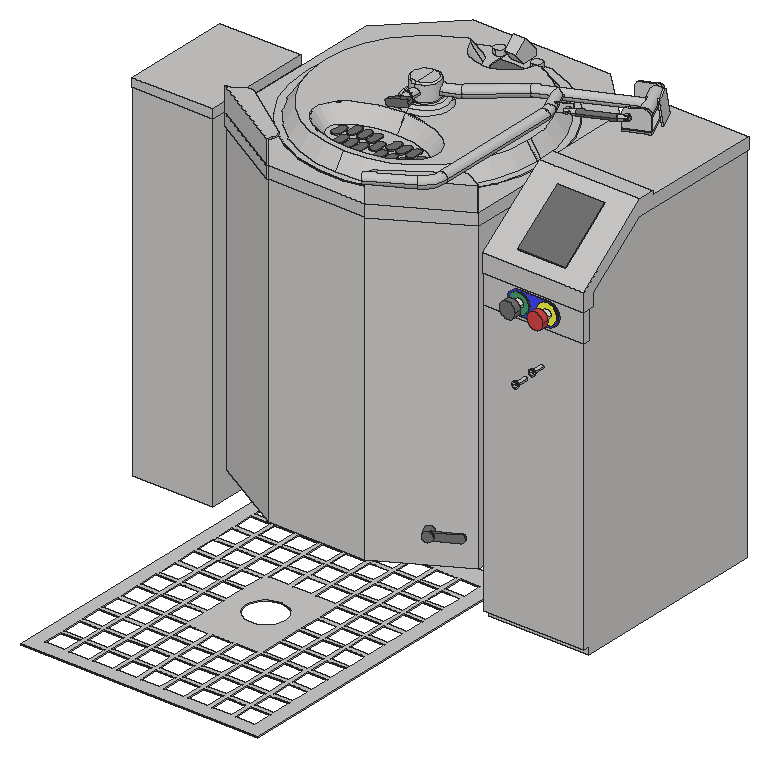
Revit family "QF_DIETATEC_CELER_100_180516035603", category Specialty Equipment, Revit 2015 (continued)
Definition of nested family "QF_Dietatec_CELER_100_FL"
  Lines and regions (mm)
    symbolic lines
      curve 163: line (383.5, -1234.5, 0) -> (433.5, -1234.5, 0)
      curve 164: line (383.5, -1184.5, 0) -> (383.5, -1234.5, 0)
      curve 165: line (433.5, -1184.5, 0) -> (383.5, -1184.5, 0)
      curve 166: line (433.5, -1234.5, 0) -> (433.5, -1184.5, 0)
      curve 167: line (443.5, -1234.5, 0) -> (493.5, -1234.5, 0)
      curve 168: line (443.5, -1184.5, 0) -> (443.5, -1234.5, 0)
      curve 169: line (493.5, -1184.5, 0) -> (443.5, -1184.5, 0)
      curve 170: line (493.5, -1234.5, 0) -> (493.5, -1184.5, 0)
      curve 171: line (503.5, -1234.5, 0) -> (553.5, -1234.5, 0)
      curve 172: line (503.5, -1184.5, 0) -> (503.5, -1234.5, 0)
      curve 173: line (553.5, -1184.5, 0) -> (503.5, -1184.5, 0)
      curve 174: line (553.5, -1234.5, 0) -> (553.5, -1184.5, 0)
      curve 175: line (563.5, -1234.5, 0) -> (613.5, -1234.5, 0)
      curve 176: line (563.5, -1184.5, 0) -> (563.5, -1234.5, 0)
      curve 177: line (613.5, -1184.5, 0) -> (563.5, -1184.5, 0)
      curve 178: line (613.5, -1234.5, 0) -> (613.5, -1184.5, 0)
      curve 179: line (83.5, -1174.5, 0) -> (133.5, -1174.5, 0)
      curve 180: line (83.5, -1124.5, 0) -> (83.5, -1174.5, 0)
      curve 181: line (133.5, -1124.5, 0) -> (83.5, -1124.5, 0)
      curve 182: line (133.5, -1174.5, 0) -> (133.5, -1124.5, 0)
      curve 183: line (143.5, -1174.5, 0) -> (193.5, -1174.5, 0)
      curve 184: line (143.5, -1124.5, 0) -> (143.5, -1174.5, 0)
      curve 185: line (193.5, -1124.5, 0) -> (143.5, -1124.5, 0)
      curve 186: line (193.5, -1174.5, 0) -> (193.5, -1124.5, 0)
      curve 187: line (203.5, -1174.5, 0) -> (253.5, -1174.5, 0)
      curve 188: line (203.5, -1124.5, 0) -> (203.5, -1174.5, 0)
      curve 189: line (253.5, -1124.5, 0) -> (203.5, -1124.5, 0)
      curve 190: line (253.5, -1174.5, 0) -> (253.5, -1124.5, 0)
      curve 191: line (263.5, -1174.5, 0) -> (313.5, -1174.5, 0)
      curve 192: line (263.5, -1124.5, 0) -> (263.5, -1174.5, 0)
      curve 193: line (313.5, -1124.5, 0) -> (263.5, -1124.5, 0)
      curve 194: line (313.5, -1174.5, 0) -> (313.5, -1124.5, 0)
      curve 195: line (323.5, -1174.5, 0) -> (373.5, -1174.5, 0)
      curve 196: line (323.5, -1124.5, 0) -> (323.5, -1174.5, 0)
      curve 197: line (373.5, -1124.5, 0) -> (323.5, -1124.5, 0)
      curve 198: line (373.5, -1174.5, 0) -> (373.5, -1124.5, 0)
      curve 199: line (383.5, -1174.5, 0) -> (433.5, -1174.5, 0)
      curve 200: line (383.5, -1124.5, 0) -> (383.5, -1174.5, 0)
      curve 201: line (433.5, -1124.5, 0) -> (383.5, -1124.5, 0)
      curve 202: line (433.5, -1174.5, 0) -> (433.5, -1124.5, 0)
      curve 203: line (443.5, -1174.5, 0) -> (493.5, -1174.5, 0)
      curve 204: line (443.5, -1124.5, 0) -> (443.5, -1174.5, 0)
      curve 205: line (493.5, -1124.5, 0) -> (443.5, -1124.5, 0)
      curve 206: line (493.5, -1174.5, 0) -> (493.5, -1124.5, 0)
      curve 207: line (503.5, -1174.5, 0) -> (553.5, -1174.5, 0)
      curve 208: line (503.5, -1124.5, 0) -> (503.5, -1174.5, 0)
      curve 209: line (553.5, -1124.5, 0) -> (503.5, -1124.5, 0)
      curve 210: line (553.5, -1174.5, 0) -> (553.5, -1124.5, 0)
      curve 211: line (563.5, -1174.5, 0) -> (613.5, -1174.5, 0)
      curve 212: line (563.5, -1124.5, 0) -> (563.5, -1174.5, 0)
      curve 213: line (613.5, -1124.5, 0) -> (563.5, -1124.5, 0)
      curve 214: line (613.5, -1174.5, 0) -> (613.5, -1124.5, 0)
      curve 215: line (83.5, -1114.5, 0) -> (133.5, -1114.5, 0)
      curve 216: line (83.5, -1064.5, 0) -> (83.5, -1114.5, 0)
      curve 217: line (133.5, -1064.5, 0) -> (83.5, -1064.5, 0)
      curve 218: line (133.5, -1114.5, 0) -> (133.5, -1064.5, 0)
      curve 219: line (143.5, -1114.5, 0) -> (193.5, -1114.5, 0)
      curve 220: line (143.5, -1064.5, 0) -> (143.5, -1114.5, 0)
      curve 221: line (193.5, -1064.5, 0) -> (143.5, -1064.5, 0)
      curve 222: line (193.5, -1114.5, 0) -> (193.5, -1064.5, 0)
      curve 223: line (203.5, -1114.5, 0) -> (253.5, -1114.5, 0)
      curve 224: line (203.5, -1064.5, 0) -> (203.5, -1114.5, 0)
      curve 225: line (253.5, -1064.5, 0) -> (203.5, -1064.5, 0)
      curve 226: line (253.5, -1114.5, 0) -> (253.5, -1064.5, 0)
      curve 227: line (263.5, -1114.5, 0) -> (313.5, -1114.5, 0)
      curve 228: line (263.5, -1064.5, 0) -> (263.5, -1114.5, 0)
      curve 229: line (313.5, -1064.5, 0) -> (263.5, -1064.5, 0)
      curve 230: line (313.5, -1114.5, 0) -> (313.5, -1064.5, 0)
      curve 231: line (323.5, -1114.5, 0) -> (373.5, -1114.5, 0)
      curve 232: line (323.5, -1064.5, 0) -> (323.5, -1114.5, 0)
      curve 233: line (373.5, -1064.5, 0) -> (323.5, -1064.5, 0)
      curve 234: line (373.5, -1114.5, 0) -> (373.5, -1064.5, 0)
      curve 235: line (383.5, -1114.5, 0) -> (433.5, -1114.5, 0)
      curve 236: line (383.5, -1064.5, 0) -> (383.5, -1114.5, 0)
      curve 237: line (433.5, -1064.5, 0) -> (383.5, -1064.5, 0)
      curve 238: line (433.5, -1114.5, 0) -> (433.5, -1064.5, 0)
      curve 239: line (443.5, -1114.5, 0) -> (493.5, -1114.5, 0)
      curve 240: line (443.5, -1064.5, 0) -> (443.5, -1114.5, 0)
      curve 241: line (493.5, -1064.5, 0) -> (443.5, -1064.5, 0)
      curve 242: line (493.5, -1114.5, 0) -> (493.5, -1064.5, 0)
      curve 243: line (503.5, -1114.5, 0) -> (553.5, -1114.5, 0)
      curve 244: line (503.5, -1064.5, 0) -> (503.5, -1114.5, 0)
      curve 245: line (553.5, -1064.5, 0) -> (503.5, -1064.5, 0)
      curve 246: line (553.5, -1114.5, 0) -> (553.5, -1064.5, 0)
      curve 247: line (563.5, -1114.5, 0) -> (613.5, -1114.5, 0)
      curve 248: line (563.5, -1064.5, 0) -> (563.5, -1114.5, 0)
      curve 249: line (613.5, -1064.5, 0) -> (563.5, -1064.5, 0)
      curve 250: line (613.5, -1114.5, 0) -> (613.5, -1064.5, 0)
      curve 251: line (83.5, -1054.5, 0) -> (133.5, -1054.5, 0)
      curve 252: line (83.5, -1004.5, 0) -> (83.5, -1054.5, 0)
      curve 253: line (133.5, -1004.5, 0) -> (83.5, -1004.5, 0)
      curve 254: line (133.5, -1054.5, 0) -> (133.5, -1004.5, 0)
      curve 255: line (143.5, -1054.5, 0) -> (193.5, -1054.5, 0)
      curve 256: line (143.5, -1004.5, 0) -> (143.5, -1054.5, 0)
      curve 257: line (193.5, -1004.5, 0) -> (143.5, -1004.5, 0)
      curve 258: line (193.5, -1054.5, 0) -> (193.5, -1004.5, 0)
      curve 259: line (203.5, -1054.5, 0) -> (253.5, -1054.5, 0)
      curve 260: line (203.5, -1004.5, 0) -> (203.5, -1054.5, 0)
      curve 261: line (253.5, -1004.5, 0) -> (203.5, -1004.5, 0)
      curve 262: line (253.5, -1054.5, 0) -> (253.5, -1004.5, 0)
      curve 263: line (263.5, -1054.5, 0) -> (313.5, -1054.5, 0)
      curve 264: line (263.5, -1004.5, 0) -> (263.5, -1054.5, 0)
      curve 265: line (313.5, -1004.5, 0) -> (263.5, -1004.5, 0)
      curve 266: line (313.5, -1054.5, 0) -> (313.5, -1004.5, 0)
      curve 267: line (323.5, -1054.5, 0) -> (373.5, -1054.5, 0)
      curve 268: line (323.5, -1004.5, 0) -> (323.5, -1054.5, 0)
      curve 269: line (373.5, -1004.5, 0) -> (323.5, -1004.5, 0)
      curve 270: line (373.5, -1054.5, 0) -> (373.5, -1004.5, 0)
      curve 271: line (383.5, -1054.5, 0) -> (433.5, -1054.5, 0)
      curve 272: line (383.5, -1004.5, 0) -> (383.5, -1054.5, 0)
      curve 273: line (433.5, -1004.5, 0) -> (383.5, -1004.5, 0)
      curve 274: line (433.5, -1054.5, 0) -> (433.5, -1004.5, 0)
      curve 275: line (443.5, -1054.5, 0) -> (493.5, -1054.5, 0)
      curve 276: line (443.5, -1004.5, 0) -> (443.5, -1054.5, 0)
      curve 277: line (493.5, -1004.5, 0) -> (443.5, -1004.5, 0)
      curve 278: line (493.5, -1054.5, 0) -> (493.5, -1004.5, 0)
      curve 279: line (503.5, -1054.5, 0) -> (553.5, -1054.5, 0)
      curve 280: line (503.5, -1004.5, 0) -> (503.5, -1054.5, 0)
      curve 281: line (553.5, -1004.5, 0) -> (503.5, -1004.5, 0)
      curve 282: line (553.5, -1054.5, 0) -> (553.5, -1004.5, 0)
      curve 283: line (563.5, -1054.5, 0) -> (613.5, -1054.5, 0)
      curve 284: line (563.5, -1004.5, 0) -> (563.5, -1054.5, 0)
      curve 285: line (613.5, -1004.5, 0) -> (563.5, -1004.5, 0)
      curve 286: line (613.5, -1054.5, 0) -> (613.5, -1004.5, 0)
      curve 287: line (83.5, -994.5, 0) -> (133.5, -994.5, 0)
      curve 288: line (83.5, -944.5, 0) -> (83.5, -994.5, 0)
      curve 289: line (133.5, -944.5, 0) -> (83.5, -944.5, 0)
      curve 290: line (133.5, -994.5, 0) -> (133.5, -944.5, 0)
      curve 291: line (143.5, -994.5, 0) -> (193.5, -994.5, 0)
      curve 292: line (143.5, -944.5, 0) -> (143.5, -994.5, 0)
      curve 293: line (193.5, -944.5, 0) -> (143.5, -944.5, 0)
      curve 294: line (193.5, -994.5, 0) -> (193.5, -944.5, 0)
      curve 295: line (203.5, -994.5, 0) -> (253.5, -994.5, 0)
      curve 296: line (203.5, -944.5, 0) -> (203.5, -994.5, 0)
      curve 297: line (253.5, -944.5, 0) -> (203.5, -944.5, 0)
      curve 298: line (253.5, -994.5, 0) -> (253.5, -944.5, 0)
      curve 299: line (443.5, -994.5, 0) -> (493.5, -994.5, 0)
      curve 300: line (443.5, -944.5, 0) -> (443.5, -994.5, 0)
      curve 301: line (493.5, -944.5, 0) -> (443.5, -944.5, 0)
      curve 302: line (493.5, -994.5, 0) -> (493.5, -944.5, 0)
      curve 303: line (503.5, -994.5, 0) -> (553.5, -994.5, 0)
      curve 304: line (503.5, -944.5, 0) -> (503.5, -994.5, 0)
      curve 305: line (553.5, -944.5, 0) -> (503.5, -944.5, 0)
      curve 306: line (553.5, -994.5, 0) -> (553.5, -944.5, 0)
      curve 307: line (563.5, -994.5, 0) -> (613.5, -994.5, 0)
      curve 308: line (563.5, -944.5, 0) -> (563.5, -994.5, 0)
      curve 309: line (613.5, -944.5, 0) -> (563.5, -944.5, 0)
      curve 310: line (613.5, -994.5, 0) -> (613.5, -944.5, 0)
      curve 311: line (83.5, -934.5, 0) -> (133.5, -934.5, 0)
      curve 312: line (83.5, -884.5, 0) -> (83.5, -934.5, 0)
      curve 313: line (133.5, -884.5, 0) -> (83.5, -884.5, 0)
      curve 314: line (133.5, -934.5, 0) -> (133.5, -884.5, 0)
      curve 315: line (143.5, -934.5, 0) -> (193.5, -934.5, 0)
      curve 316: line (143.5, -884.5, 0) -> (143.5, -934.5, 0)
      curve 317: line (193.5, -884.5, 0) -> (143.5, -884.5, 0)
      curve 318: line (193.5, -934.5, 0) -> (193.5, -884.5, 0)
      curve 319: line (203.5, -934.5, 0) -> (253.5, -934.5, 0)
      curve 320: line (203.5, -884.5, 0) -> (203.5, -934.5, 0)
      curve 321: line (253.5, -884.5, 0) -> (203.5, -884.5, 0)
      curve 322: line (253.5, -934.5, 0) -> (253.5, -884.5, 0)
      curve 323: line (443.5, -934.5, 0) -> (493.5, -934.5, 0)
      curve 324: line (443.5, -884.5, 0) -> (443.5, -934.5, 0)
      curve 325: line (493.5, -884.5, 0) -> (443.5, -884.5, 0)
      curve 326: line (493.5, -934.5, 0) -> (493.5, -884.5, 0)
      curve 327: line (503.5, -934.5, 0) -> (553.5, -934.5, 0)
      curve 328: line (503.5, -884.5, 0) -> (503.5, -934.5, 0)
      curve 329: line (553.5, -884.5, 0) -> (503.5, -884.5, 0)
      curve 330: line (553.5, -934.5, 0) -> (553.5, -884.5, 0)
      curve 331: line (563.5, -934.5, 0) -> (613.5, -934.5, 0)
      curve 332: line (563.5, -884.5, 0) -> (563.5, -934.5, 0)
      curve 333: line (613.5, -884.5, 0) -> (563.5, -884.5, 0)
      curve 334: line (613.5, -934.5, 0) -> (613.5, -884.5, 0)
      curve 335: line (83.5, -874.5, 0) -> (133.5, -874.5, 0)
      curve 336: line (83.5, -824.5, 0) -> (83.5, -874.5, 0)
      curve 337: line (133.5, -824.5, 0) -> (83.5, -824.5, 0)
      curve 338: line (133.5, -874.5, 0) -> (133.5, -824.5, 0)
      curve 339: line (143.5, -874.5, 0) -> (193.5, -874.5, 0)
      curve 340: line (143.5, -824.5, 0) -> (143.5, -874.5, 0)
      curve 341: line (193.5, -824.5, 0) -> (143.5, -824.5, 0)
      curve 342: line (193.5, -874.5, 0) -> (193.5, -824.5, 0)
      curve 343: line (203.5, -874.5, 0) -> (253.5, -874.5, 0)
      curve 344: line (203.5, -824.5, 0) -> (203.5, -874.5, 0)
      curve 345: line (253.5, -824.5, 0) -> (203.5, -824.5, 0)
      curve 346: line (253.5, -874.5, 0) -> (253.5, -824.5, 0)
      curve 347: line (443.5, -874.5, 0) -> (493.5, -874.5, 0)
      curve 348: line (443.5, -824.5, 0) -> (443.5, -874.5, 0)
      curve 349: line (493.5, -824.5, 0) -> (443.5, -824.5, 0)
      curve 350: line (493.5, -874.5, 0) -> (493.5, -824.5, 0)
      curve 351: line (503.5, -874.5, 0) -> (553.5, -874.5, 0)
      curve 352: line (503.5, -824.5, 0) -> (503.5, -874.5, 0)
      curve 353: line (553.5, -824.5, 0) -> (503.5, -824.5, 0)
      curve 354: line (553.5, -874.5, 0) -> (553.5, -824.5, 0)
      curve 355: line (563.5, -874.5, 0) -> (613.5, -874.5, 0)
      curve 356: line (563.5, -824.5, 0) -> (563.5, -874.5, 0)
      curve 357: line (613.5, -824.5, 0) -> (563.5, -824.5, 0)
      curve 358: line (613.5, -874.5, 0) -> (613.5, -824.5, 0)
      curve 359: line (83.5, -814.5, 0) -> (133.5, -814.5, 0)
      curve 360: line (83.5, -764.5, 0) -> (83.5, -814.5, 0)
      curve 361: line (133.5, -764.5, 0) -> (83.5, -764.5, 0)
      curve 362: line (133.5, -814.5, 0) -> (133.5, -764.5, 0)
      curve 363: line (143.5, -814.5, 0) -> (193.5, -814.5, 0)
      curve 364: line (143.5, -764.5, 0) -> (143.5, -814.5, 0)
      curve 365: line (193.5, -764.5, 0) -> (143.5, -764.5, 0)
      curve 366: line (193.5, -814.5, 0) -> (193.5, -764.5, 0)
      curve 367: line (203.5, -814.5, 0) -> (253.5, -814.5, 0)
      curve 368: line (203.5, -764.5, 0) -> (203.5, -814.5, 0)
      curve 369: line (253.5, -764.5, 0) -> (203.5, -764.5, 0)
      curve 370: line (253.5, -814.5, 0) -> (253.5, -764.5, 0)
      curve 371: line (443.5, -814.5, 0) -> (493.5, -814.5, 0)
      curve 372: line (443.5, -764.5, 0) -> (443.5, -814.5, 0)
      curve 373: line (493.5, -764.5, 0) -> (443.5, -764.5, 0)
      curve 374: line (493.5, -814.5, 0) -> (493.5, -764.5, 0)
      curve 375: line (503.5, -814.5, 0) -> (553.5, -814.5, 0)
      curve 376: line (503.5, -764.5, 0) -> (503.5, -814.5, 0)
      curve 377: line (553.5, -764.5, 0) -> (520.361, -764.5, 0)
      curve 378: line (553.5, -814.5, 0) -> (553.5, -764.5, 0)
      curve 379: line (563.5, -814.5, 0) -> (613.5, -814.5, 0)
      curve 380: line (563.5, -764.5, 0) -> (563.5, -814.5, 0)
      curve 381: line (613.5, -764.5, 0) -> (563.5, -764.5, 0)
      curve 382: line (613.5, -814.5, 0) -> (613.5, -764.5, 0)
      curve 383: line (83.5, -754.5, 0) -> (133.5, -754.5, 0)
      curve 384: line (83.5, -704.5, 0) -> (83.5, -754.5, 0)
      curve 385: line (133.5, -704.5, 0) -> (83.5, -704.5, 0)
      curve 386: line (133.5, -754.5, 0) -> (133.5, -704.5, 0)
      curve 387: line (143.5, -754.5, 0) -> (193.5, -754.5, 0)
      curve 388: line (143.5, -704.5, 0) -> (143.5, -754.5, 0)
      curve 389: line (193.5, -704.5, 0) -> (143.5, -704.5, 0)
      curve 390: line (193.5, -754.5, 0) -> (193.5, -704.5, 0)
      curve 391: line (203.5, -754.5, 0) -> (253.5, -754.5, 0)
      curve 392: line (203.5, -704.5, 0) -> (203.5, -754.5, 0)
      curve 393: line (211.034, -704.5, 0) -> (203.5, -704.5, 0)
      curve 394: line (253.5, -754.5, 0) -> (253.5, -710, 0)
      curve 395: line (263.5, -754.5, 0) -> (313.5, -754.5, 0)
      curve 396: line (263.5, -710, 0) -> (263.5, -754.5, 0)
      curve 397: line (313.5, -754.5, 0) -> (313.5, -710, 0)
      curve 398: line (323.5, -754.5, 0) -> (373.5, -754.5, 0)
      curve 399: line (323.5, -710, 0) -> (323.5, -754.5, 0)
      curve 400: line (373.5, -754.5, 0) -> (373.5, -710, 0)
      curve 401: line (383.5, -754.5, 0) -> (433.5, -754.5, 0)
      curve 402: line (383.5, -710, 0) -> (383.5, -754.5, 0)
      curve 403: line (433.5, -754.5, 0) -> (433.5, -710, 0)
      curve 404: line (443.5, -754.5, 0) -> (493.5, -754.5, 0)
      curve 405: line (443.5, -710, 0) -> (443.5, -754.5, 0)
      curve 406: line (493.5, -704.5, 0) -> (485.966, -704.5, 0)
      curve 407: line (493.5, -754.5, 0) -> (493.5, -704.5, 0)
      curve 408: line (537.681, -754.5, 0) -> (553.5, -754.5, 0)
      curve 409: line (503.5, -704.5, 0) -> (503.5, -745.367, 0)
      curve 410: line (553.5, -704.5, 0) -> (503.5, -704.5, 0)
      curve 411: line (553.5, -754.5, 0) -> (553.5, -745.367, 0)
      curve 412: line (563.5, -754.5, 0) -> (613.5, -754.5, 0)
      curve 413: line (563.5, -704.5, 0) -> (563.5, -710.726, 0)
      curve 414: line (574.284, -704.5, 0) -> (563.5, -704.5, 0)
      curve 415: line (613.5, -754.5, 0) -> (613.5, -710.225, 0)
      curve 416: line (83.5, -694.5, 0) -> (133.5, -694.5, 0)
      curve 417: line (83.5, -644.5, 0) -> (83.5, -694.5, 0)
      curve 418: line (107.111, -644.5, 0) -> (83.5, -644.5, 0)
      curve 419: line (133.5, -694.5, 0) -> (133.5, -659.736, 0)
      curve 420: line (143.5, -694.5, 0) -> (193.713, -694.5, 0)
      curve 421: line (143.5, -665.509, 0) -> (143.5, -694.5, 0)
      curve 422: line (503.287, -694.5, 0) -> (553.5, -694.5, 0)
      curve 423: line (553.5, -694.5, 0) -> (553.5, -665.509, 0)
      curve 424: line (563.5, -694.5, 0) -> (591.604, -694.5, 0)
      curve 425: line (563.5, -659.736, 0) -> (563.5, -694.5, 0)
      curve 426: line (613.5, -644.5, 0) -> (595.852, -644.5, 0)
      curve 427: line (1.5, -526, 0) -> (0, -526, 0)
      curve 428: line (1.5, -526, 0) -> (1.5, -519.5, 0)
      curve 429: line (1.5, -519.5, 0) -> (10, -519.5, 0)
      curve 430: line (10, -519.5, 0) -> (10, -520.45, 0)
      curve 431: line (10, -520.45, 0) -> (24.65, -520.45, 0)
      curve 432: line (24.65, -520.45, 0) -> (24.65, -521.381, 0)
      curve 433: arc (24.65, -521.381, 0) -> (25.866, -521.401, 0) -> (27, -521.838, 0) r 3.478
      curve 434: line (695.5, -426, 0) -> (697, -426, 0)
      curve 435: line (695.5, -426, 0) -> (695.5, -432.5, 0)
      curve 436: line (695.5, -432.5, 0) -> (687, -432.5, 0)
      curve 437: line (687, -432.5, 0) -> (687, -431.55, 0)
      curve 438: line (687, -431.55, 0) -> (672.35, -431.55, 0)
      curve 439: line (672.35, -431.55, 0) -> (672.35, -430.619, 0)
      curve 440: arc (672.35, -430.619, 0) -> (671.134, -430.599, 0) -> (670, -430.162, 0) r 3.478
      curve 441: line (687, -432.5, 0) -> (687, -519.5, 0)
      curve 442: line (695.5, -526, 0) -> (697, -526, 0)
      curve 443: line (695.5, -526, 0) -> (695.5, -519.5, 0)
      curve 444: line (695.5, -519.5, 0) -> (687, -519.5, 0)
      curve 445: line (687, -519.5, 0) -> (687, -520.45, 0)
      curve 446: line (687, -520.45, 0) -> (672.35, -520.45, 0)
      curve 447: line (672.35, -520.45, 0) -> (672.35, -521.381, 0)
      curve 448: arc (672.35, -521.381, 0) -> (671.134, -521.401, 0) -> (670, -521.838, 0) r 3.478
      curve 449: line (553.5, -716.5, 0) -> (553.5, -704.5, 0)
      curve 450: line (563.5, -739.594, 0) -> (563.5, -754.5, 0)
      curve 451: line (507.678, -764.5, 0) -> (503.5, -764.5, 0)
      curve 452: arc (613.294, -660.286, 0) -> (608.26, -679.072, 0) -> (594.508, -692.823, 0) r 37.57
      curve 453: arc (607.378, -714.261, 0) -> (630.043, -691.595, 0) -> (638.34, -660.633, 0) r 61.924
      curve 454: arc (638.34, -336.112, 0) -> (636.849, -322.498, 0) -> (632.446, -309.528, 0) r 62.903
      curve 455: arc (609.948, -320.436, 0) -> (612.447, -327.799, 0) -> (613.294, -335.528, 0) r 35.711
      curve 456: line (655.004, -281.002, 0) -> (625.549, -294.737, 0)
      curve 457: line (626.817, -297.456, 0) -> (656.272, -283.721, 0)
      curve 458: line (656.272, -283.721, 0) -> (655.004, -281.002, 0)
      curve 459: line (640.514, -276.449, 0) -> (644.139, -274.759, 0)
      curve 460: line (653.665, -288.089, 0) -> (644.602, -292.316, 0)
      curve 461: line (653.34, -305.494, 0) -> (658.144, -303.255, 0)
      curve 462: line (666.354, -282.765, 0) -> (672.693, -296.36, 0)
      curve 463: line (740.671, -248.111, 0) -> (747.01, -261.705, 0)
      curve 464: line (640.514, -276.449, 0) -> (640.03, -277.778, 0)
      curve 465: line (640.03, -277.778, 0) -> (643.939, -286.162, 0)
      curve 466: line (644.602, -292.316, 0) -> (643.394, -289.726, 0)
      curve 467: line (644.139, -274.759, 0) -> (645.468, -275.243, 0)
      curve 468: line (645.468, -275.243, 0) -> (649.377, -283.626, 0)
      curve 469: line (653.665, -288.089, 0) -> (652.458, -285.5, 0)
      curve 470: line (653.34, -305.494, 0) -> (652.03, -302.685, 0)
      curve 471: line (648.187, -294.547, 0) -> (646.412, -291.472, 0)
      curve 472: line (658.144, -303.255, 0) -> (656.834, -300.445, 0)
      curve 473: line (653.07, -292.27, 0) -> (651.855, -288.933, 0)
      curve 474: line (644.634, -296.204, 0) -> (667.622, -285.484, 0)
      curve 475: line (648.437, -304.36, 0) -> (671.425, -293.641, 0)
      curve 476: arc (644.634, -296.204, 0) -> (645.287, -300.864, 0) -> (648.437, -304.36, 0) r 8.039
      curve 477: line (666.354, -282.765, 0) -> (740.671, -248.111, 0)
      curve 478: line (672.693, -296.36, 0) -> (747.01, -261.705, 0)
      curve 479: line (764.924, -240.112, 0) -> (741.939, -250.829, 0)
      curve 480: line (768.727, -248.268, 0) -> (745.743, -258.986, 0)
      curve 481: arc (764.924, -240.112, 0) -> (768.071, -243.609, 0) -> (768.727, -248.268, 0) r 8.055
      curve 482: line (761.644, -254.992, 0) -> (766.448, -252.752, 0)
      curve 483: line (766.448, -252.752, 0) -> (765.138, -249.942, 0)
      curve 484: line (761.374, -241.767, 0) -> (760.159, -238.43, 0)
      curve 485: line (761.644, -254.992, 0) -> (760.334, -252.182, 0)
      curve 486: line (756.491, -244.044, 0) -> (754.716, -240.969, 0)
      curve 487: line (752.906, -241.813, 0) -> (761.969, -237.586, 0)
      curve 488: line (761.969, -237.586, 0) -> (760.656, -234.77, 0)
      curve 489: line (752.906, -241.813, 0) -> (751.593, -238.996, 0)
      curve 490: line (748.334, -227.276, 0) -> (748.818, -225.947, 0)
      curve 491: line (748.818, -225.947, 0) -> (752.443, -224.256, 0)
      curve 492: line (752.443, -224.256, 0) -> (753.772, -224.74, 0)
      curve 493: line (753.772, -224.74, 0) -> (757.153, -231.99, 0)
      curve 494: line (748.334, -227.276, 0) -> (751.715, -234.526, 0)
      curve 495: line (613.294, -651.772, 0) -> (603.362, -657.506, 0)
      curve 496: line (638.34, -643.085, 0) -> (648.5, -637.219, 0)
      curve 497: line (638.34, -616.527, 0) -> (648.5, -610.661, 0)
      curve 498: arc (638.34, -443.415, 0) -> (645.949, -405.039, 0) -> (648.5, -366, 0) r 300
      curve 499: arc (579.884, -244.312, 0) -> (524.124, -168.466, 0) -> (444.788, -117.796, 0) r 256.929
      curve 500: arc (620.853, -225.207, 0) -> (542.845, -122.461, 0) -> (428.9, -61.974, 0) r 300
      curve 501: line (727.182, -203.21, 0) -> (745.248, -241.955, 0)
      curve 502: arc (415.5, -60.145, 0) -> (422.262, -60.605, 0) -> (428.9, -61.974, 0) r 50
      curve 503: arc (406.018, -352.971, 0) -> (397.26, -399.174, 0) -> (357.5, -424.284, 0) r 58.975
      curve 504: arc (333.5, -88.405, 0) -> (323.7, -89.108, 0) -> (313.931, -90.158, 0) r 278
      curve 505: spline (348.5, -608, 0) -> (309.058, -605.045, 0) -> (272.206, -596.374, 0) -> (240.363, -582.556, 0) -> (215.622, -564.499, 0) -> (199.607, -543.388, 0) -> (193.37, -520.611, 0) -> (197.319, -497.662, 0) -> (211.196, -476.048, 0) -> (234.09, -457.189, 0) -> (264.497, -442.324, 0) -> (300.42, -432.428, 0) -> (339.5, -428.151, 0)
      curve 506: spline (348.5, -456.698, 0) -> (315.804, -458.787, 0) -> (285.336, -464.911, 0) -> (259.172, -474.653, 0) -> (239.096, -487.349, 0) -> (226.476, -502.134, 0) -> (222.171, -518, 0) -> (226.476, -533.866, 0) -> (239.096, -548.651, 0) -> (259.172, -561.347, 0) -> (285.336, -571.089, 0) -> (315.804, -577.213, 0) -> (348.5, -579.302, 0)
      curve 507: spline (348.5, -579.302, 0) -> (381.196, -577.213, 0) -> (411.664, -571.089, 0) -> (437.828, -561.347, 0) -> (457.904, -548.651, 0) -> (470.524, -533.866, 0) -> (474.829, -518, 0) -> (470.524, -502.134, 0) -> (457.904, -487.349, 0) -> (437.828, -474.653, 0) -> (411.664, -464.911, 0) -> (381.196, -458.787, 0) -> (348.5, -456.698, 0)
      curve 508: spline (357.5, -428.151, 0) -> (396.58, -432.428, 0) -> (432.503, -442.324, 0) -> (462.91, -457.189, 0) -> (485.804, -476.048, 0) -> (499.681, -497.662, 0) -> (503.63, -520.611, 0) -> (497.393, -543.388, 0) -> (481.378, -564.499, 0) -> (456.637, -582.556, 0) -> (424.794, -596.374, 0) -> (387.942, -605.045, 0) -> (348.5, -608, 0)
      curve 509: line (238.5, -503, 0) -> (238.5, -523, 0)
      curve 510: arc (258.5, -503, 0) -> (248.5, -493, 0) -> (238.5, -503, 0) r 10
      curve 511: line (258.5, -523, 0) -> (258.5, -503, 0)
      curve 512: arc (238.5, -523, 0) -> (248.5, -533, 0) -> (258.5, -523, 0) r 10
      curve 513: arc (283.5, -530.5, 0) -> (273.5, -520.5, 0) -> (263.5, -530.5, 0) r 10
      curve 514: line (283.5, -550.5, 0) -> (283.5, -530.5, 0)
      curve 515: arc (263.5, -550.5, 0) -> (273.5, -560.5, 0) -> (283.5, -550.5, 0) r 10
      curve 516: arc (288.5, -550.5, 0) -> (298.5, -560.5, 0) -> (308.5, -550.5, 0) r 10
      curve 517: line (288.5, -530.5, 0) -> (288.5, -550.5, 0)
      curve 518: arc (308.5, -530.5, 0) -> (298.5, -520.5, 0) -> (288.5, -530.5, 0) r 10
      curve 519: line (308.5, -550.5, 0) -> (308.5, -530.5, 0)
      curve 520: arc (333.5, -530.5, 0) -> (323.5, -520.5, 0) -> (313.5, -530.5, 0) r 10
      curve 521: line (333.5, -550.5, 0) -> (333.5, -530.5, 0)
      curve 522: arc (313.5, -550.5, 0) -> (323.5, -560.5, 0) -> (333.5, -550.5, 0) r 10
      curve 523: arc (263.5, -505.5, 0) -> (273.5, -515.5, 0) -> (283.5, -505.5, 0) r 10
      curve 524: line (263.5, -485.5, 0) -> (263.5, -505.5, 0)
      curve 525: arc (283.5, -485.5, 0) -> (273.5, -475.5, 0) -> (263.5, -485.5, 0) r 10
      curve 526: line (283.5, -505.5, 0) -> (283.5, -485.5, 0)
      curve 527: line (288.5, -485.5, 0) -> (288.5, -505.5, 0)
      curve 528: arc (308.5, -485.5, 0) -> (298.5, -475.5, 0) -> (288.5, -485.5, 0) r 10
      curve 529: line (308.5, -505.5, 0) -> (308.5, -485.5, 0)
      curve 530: arc (288.5, -505.5, 0) -> (298.5, -515.5, 0) -> (308.5, -505.5, 0) r 10
      curve 531: arc (313.5, -505.5, 0) -> (323.5, -515.5, 0) -> (333.5, -505.5, 0) r 10
      curve 532: line (313.5, -485.5, 0) -> (313.5, -505.5, 0)
      curve 533: arc (333.5, -485.5, 0) -> (323.5, -475.5, 0) -> (313.5, -485.5, 0) r 10
      curve 534: line (333.5, -505.5, 0) -> (333.5, -485.5, 0)
      curve 535: arc (358.5, -507.75, 0) -> (348.5, -497.75, 0) -> (338.5, -507.75, 0) r 10
      curve 536: line (338.5, -507.75, 0) -> (338.5, -527.75, 0)
      curve 537: line (358.5, -527.75, 0) -> (358.5, -507.75, 0)
      curve 538: arc (338.5, -527.75, 0) -> (348.5, -537.75, 0) -> (358.5, -527.75, 0) r 10
      curve 539: line (363.5, -530.5, 0) -> (363.5, -550.5, 0)
      curve 540: arc (363.5, -550.5, 0) -> (373.5, -560.5, 0) -> (383.5, -550.5, 0) r 10
      curve 541: arc (383.5, -530.5, 0) -> (373.5, -520.5, 0) -> (363.5, -530.5, 0) r 10
      curve 542: arc (363.5, -505.5, 0) -> (373.5, -515.5, 0) -> (383.5, -505.5, 0) r 10
      curve 543: line (383.5, -505.5, 0) -> (383.5, -485.5, 0)
      curve 544: line (363.5, -485.5, 0) -> (363.5, -505.5, 0)
      curve 545: arc (383.5, -485.5, 0) -> (373.5, -475.5, 0) -> (363.5, -485.5, 0) r 10
      curve 546: arc (408.5, -485.5, 0) -> (398.5, -475.5, 0) -> (388.5, -485.5, 0) r 10
      curve 547: line (388.5, -485.5, 0) -> (388.5, -505.5, 0)
      curve 548: line (408.5, -505.5, 0) -> (408.5, -485.5, 0)
      curve 549: arc (388.5, -505.5, 0) -> (398.5, -515.5, 0) -> (408.5, -505.5, 0) r 10
      curve 550: arc (408.5, -530.5, 0) -> (398.5, -520.5, 0) -> (388.5, -530.5, 0) r 10
      curve 551: line (388.5, -530.5, 0) -> (388.5, -550.5, 0)
      curve 552: arc (388.5, -550.5, 0) -> (398.5, -560.5, 0) -> (408.5, -550.5, 0) r 10
      curve 553: line (408.5, -550.5, 0) -> (408.5, -530.5, 0)
      curve 554: line (413.5, -530.5, 0) -> (413.5, -550.5, 0)
      curve 555: arc (413.5, -550.5, 0) -> (423.5, -560.5, 0) -> (433.5, -550.5, 0) r 10
      curve 556: arc (433.5, -530.5, 0) -> (423.5, -520.5, 0) -> (413.5, -530.5, 0) r 10
      curve 557: arc (413.5, -505.5, 0) -> (423.5, -515.5, 0) -> (433.5, -505.5, 0) r 10
      curve 558: line (413.5, -485.5, 0) -> (413.5, -505.5, 0)
      curve 559: arc (433.5, -485.5, 0) -> (423.5, -475.5, 0) -> (413.5, -485.5, 0) r 10
      curve 560: line (433.5, -505.5, 0) -> (433.5, -485.5, 0)
      curve 561: arc (458.5, -503, 0) -> (448.5, -493, 0) -> (438.5, -503, 0) r 10
      curve 562: line (438.5, -503, 0) -> (438.5, -523, 0)
      curve 563: arc (438.5, -523, 0) -> (448.5, -533, 0) -> (458.5, -523, 0) r 10
      curve 564: line (458.5, -523, 0) -> (458.5, -503, 0)
      curve 565: line (263.5, -530.5, 0) -> (263.5, -550.5, 0)
      curve 566: line (313.5, -530.5, 0) -> (313.5, -550.5, 0)
      curve 567: line (383.5, -530.5, 0) -> (383.5, -550.5, 0)
      curve 568: line (433.5, -530.5, 0) -> (433.5, -550.5, 0)
  Dimensions and locks
    plane 3 "Left" to plane 4 "Right" = 950.5 mm
    plane 5 "Front" to plane 1 "Back" = 769.992 mm
    Extrusion 41 to Extrusion 41 = 1153.5 mm
    aligned and locked: level to plane 2
  Connectors
    electrical at (803.5, -97.5, 120), driven by "Apparent Power", driven by "Volts", driven by "Number of Poles"
      settings: on Extrusion 44, index 4, voltage 400 V, apparent load 0 VA, apparent load phase1 14500 VA, apparent load phase2 0 VA, apparent load phase3 0 VA, power factor 1, load classification none, number of poles 3, system type 31, power factor state 1, is connector primary yes, connector utility no, sub classification motor no, connector description "electrical connection"
    piping at (873.5, -97.5, 120), diameter 12.7, driven by "Cold Water Size", driven by "Cold Water Flow"
      settings: on Extrusion 43, index 5, connector inside diameter 609.6 mm, connector length 0 mm, flow factor 0, pipe flow 0.0 L/s, pressure drop 0.0 Pa, fitting loss kfactor 0, connector angle 0.00°, fixture units 0, engagement length 0 mm, angle of deflection 0.00°, flow configuration 1, flow direction 1, fitting loss method 0, system type 20, joint type 0, gender type 0, connector reference index -1, connector utility 0, adjustable connector no, is connector primary yes, connector description "water inlet"
Definition of nested family "QF_Dietatec_KETTLE_LEFT_LEG"
  Parameters (values of type "KETTLE_LEFT_LEG")
    Width [instance] = 0 mm
    Weight in Pounds = 0
    URL Cutsheet = "www.dietatec.com"
    URL = "www.dietatec.com"
    Status [instance] = ""
    Specification by User [instance] = ""
    Specification by Manufacturer = ""
    Show Logo [instance] = yes
    Show Clearance [instance] = yes
    Serial Number = ""
    Seismic Rating = ""
    SMACNA No = ""
    Revision Code [instance] = ""
    NAFEM Spec ID Number = ""
    Model = "KETTLE_LEFT_LEG"
    Masterspec = ""
    Manufacturer = "DIETATEC"
    ListPrice [instance] = 0
    Item Number [instance] = ""
    Installed By [instance] = ""
    Identify Quantity as Lot [instance] = no
    Height [instance] = 0 mm
    Furnished By [instance] = ""
    Foodservice Equipment Identifier [instance] = yes
    Description = "LEFT LEG OF C-CLASSIC AND CELER MODELS"
    Depth [instance] = 0 mm
    CSI MasterFormat = ""
    Assembly Code = "E1090320"
  Reference planes
    plane 1 "Back": y = 0
    plane 2: z = 0
    plane 3 "Left": x = 0
    plane 4 "Right": x = 1153.5
    plane 5 "Front": y = -770
    plane 6 "Top": z = 1000
  Forms (mm)
    Extrusion 1, solid
      sketch origin (-203, 0, 0) x (1, 0, 0) y (0, 1, 0)
        loop
          line (201.5, -326) -> (1.5, -326) -> (1.5, -601) -> (201.5, -601) -> (201.5, -326)
      from 0 to 880
    Extrusion 2, solid
      sketch origin (-1081.5, -472.5, -153) x (1, 0, 0) y (0, 0, 1)
        loop
          circle (930, 278) r 15
      from -150 to -146.5
    Extrusion 3, solid
      sketch origin (-981.5, -472.5, -153) x (1, 0, 0) y (0, 0, 1)
        loop
          circle (930, 278) r 15
      from -150 to -146.5
    Extrusion 4, solid
      sketch origin (-203, 0, 880) x (1, 0, 0) y (0, 1, 0)
        loop
          line (203, -324.5) -> (0, -324.5) -> (0, -602.5) -> (203, -602.5) -> (203, -324.5)
      from 0 to 21
  Lines and regions (mm)
    symbolic lines
      curve 1: line (0, -324.5, 0) -> (-203, -324.5, 0)
      curve 2: line (0, -602.5, 0) -> (0, -324.5, 0)
      curve 3: line (-203, -602.5, 0) -> (0, -602.5, 0)
      curve 4: line (-203, -324.5, 0) -> (-203, -602.5, 0)
  Dimensions and locks
    plane 3 "Left" to plane 4 "Right" = 1153.5 mm
    plane 5 "Front" to plane 1 "Back" = 770 mm
    aligned and locked: level to plane 2
